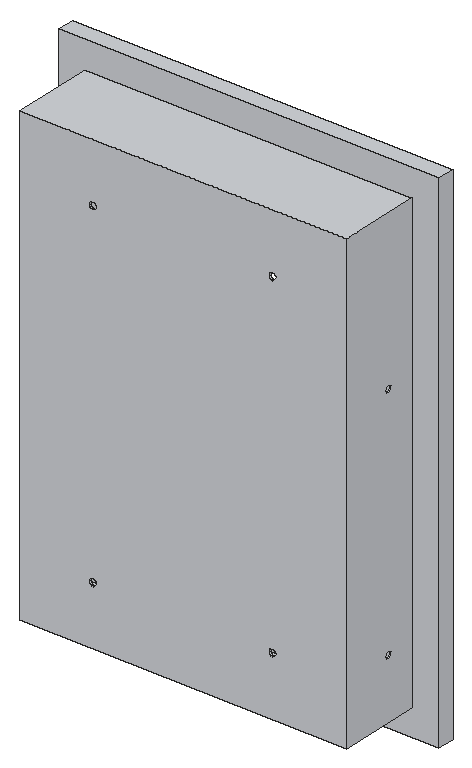
Revit family "AX8406E70_0003", category Appareils sanitaires, Revit 2016
Family settings
  Hôte = Mur
  Type d'élément = Normal
  Cote de connecteur circulaire = Utiliser le diamètre
  Numéro OmniClass = 23.75.00.00
  Titre OmniClass = Climate Control (HVAC)
  Toujours verticalement = Oui
  Couper avec des vides une fois chargée = Non
  Partagée = Non
  Point de calcul de pièce = Non
Parameters (values of type "Type 1")
  URL = "https://www.axeuro.com/fr/hygiene-feminine/22637-poubelle-hygiene-feminine-ax8406e70.html"
  Modèle = "AX8406E70"  # constant formula
  Matériaux = "En inox 304 (18/10) Bactériostatique"  # constant formula
  Finition = "Brossé Poli Satiné HyperPolish"  # constant formula
  Fabricant = "Axeuro"  # constant formula
  Description = "Poubelle pour hygiène féminine"  # constant formula
Reference planes
  plane 1 "Mur": y = 0
  plane 2 "Centre (gauche/droite)": x = 0
  plane 3 "Arrière": y = 75
Forms (mm)
  Extrusion 1, solid
    sketch origin (546.146, 75, 0) x (1, 0, 0) y (0, 0, 1)
      loop
        line (-384.335, 822.446) -> (-707.956, 822.446) -> (-707.956, 387.446) -> (-384.335, 387.446) -> (-384.335, 822.446)
    from -14.687 to 0
  Extrusion 2, solid
    sketch origin (545.42, 61.034, 23.5) x (1, 0, 0) y (0, 0, 1)
      loop
        line (-406.418, 775.446) -> (-684.422, 775.446) -> (-684.422, 386.446) -> (-406.418, 386.446) -> (-406.418, 775.446)
      loop
        line (-407.418, 387.446) -> (-407.418, 774.446) -> (-683.422, 774.446) -> (-683.422, 387.446) -> (-407.418, 387.446)
    from -13.966 to 56
  Extrusion 3, void
    sketch origin (0, 6.034, 0) x (1, 0, 0) y (0, 0, 1)
      loop
        arc (125, 774.07) -> (122.547, 779.993) -> (116.624, 782.446) r 8.376
        line (116.624, 782.446) -> (-116.624, 782.446)
        arc (-116.624, 782.446) -> (-122.547, 779.993) -> (-125, 774.07) r 8.376
        line (-125, 774.07) -> (-125, 675.823)
        arc (-125, 675.823) -> (-122.547, 669.9) -> (-116.624, 667.446) r 8.376
        line (-116.624, 667.446) -> (116.624, 667.446)
        arc (116.624, 667.446) -> (122.547, 669.9) -> (125, 675.823) r 8.376
        line (125, 675.823) -> (125, 774.07)
    from -83.654 to -68.966
  Extrusion 4, solid
    sketch origin (0, 5.034, 0) x (1, 0, 0) y (0, 0, 1)
      loop
        line (139.002, 798.946) -> (-139.002, 798.946) -> (-139.002, 409.946) -> (139.002, 409.946) -> (139.002, 798.946)
    from -1.043 to 0
  Extrusion 5, void
    sketch origin (0, -48.82, 0) x (0, 1, 0) y (0, 0, 1)
      loop
        circle (98.267, 664.424) r 3
    from 138.002 to 139.002
  Extrusion 6, void
    sketch origin (0, -48.82, -202.933) x (0, 1, 0) y (0, 0, 1)
      loop
        circle (98.267, 664.424) r 3
    from 138.002 to 139.002
  Extrusion 7, void
    sketch origin (0, -48.82, 0) x (0, 1, 0) y (0, 0, -1)
      loop
        circle (98.267, -664.424) r 3
    from 138.002 to 139.002
  Extrusion 8, void
    sketch origin (0, -48.82, -202.933) x (0, 1, 0) y (0, 0, -1)
      loop
        circle (98.267, -664.424) r 3
    from 138.002 to 139.002
  Extrusion 9, void
    sketch origin (0, -63.966, 0) x (1, 0, 0) y (0, 0, 1)
      loop
        circle (-76.453, 747.953) r 3
    from -70.043 to -69
  Extrusion 10, void
    sketch origin (0, -68.966, 0) x (-1, 0, 0) y (0, 0, -1)
      loop
        circle (-76.453, -747.953) r 3
    from -75.043 to -74
  Extrusion 11, void
    sketch origin (0, -68.966, 1208.893) x (1, 0, 0) y (0, 0, 1)
      loop
        circle (-76.453, -747.953) r 3
    from -75.043 to -74
  Extrusion 12, void
    sketch origin (0, -68.966, 1208.893) x (-1, 0, 0) y (0, 0, -1)
      loop
        circle (-76.453, 747.953) r 3
    from -75.043 to -74
  Extrusion 13, solid
    sketch origin (-17.393, 74.687, -954.389) x (1, 0, 0) y (0, 0, 1)
      loop
        circle (125.604, 1575.159) r 8.25
    from -15 to -12.919
  Extrusion 14, void
    sketch origin (-20.147, 74.687, -910.99) x (1, 0, 0) y (0, 0, 1)
      loop
        circle (128.358, 1531.759) r 8.3
    from -15 to -10.322
  Extrusion 15, void
    sketch origin (1640.4, 74.687, 492.247) x (0, 0, 1) y (-1, 0, 0)
      loop
        line (129.522, 1537.139) -> (127.522, 1537.139) -> (127.522, 1527.239) -> (129.522, 1527.239) -> (129.522, 1537.139)
    from -15 to -12.919
Cuts and joins
  Extrusion 3, Extrusion 14 cuts Extrusion 1
  Extrusion 3, Extrusion 5, Extrusion 6, Extrusion 7, Extrusion 8 cuts Extrusion 2
  Extrusion 9, Extrusion 10, Extrusion 11, Extrusion 12 cuts Extrusion 4
  joined: Extrusion 2, Extrusion 4
  Extrusion 15 cuts Extrusion 13
Text (mm)
  text "Côté de la mise en place" at (-1820.995, 1116.779, 0), in view "Niveau de réf."
  text "Côté de la mise en place" at (0, 1334.055, 2976.191), in view "Gauche"
  text "Côté de la mise en place" at (0, 439.194, 2944.362), in view "Droite"
Dimensions and locks
  locked: plane 3 "Arrière" to host wall
  aligned and locked: plane 1 "Mur" to host wall
